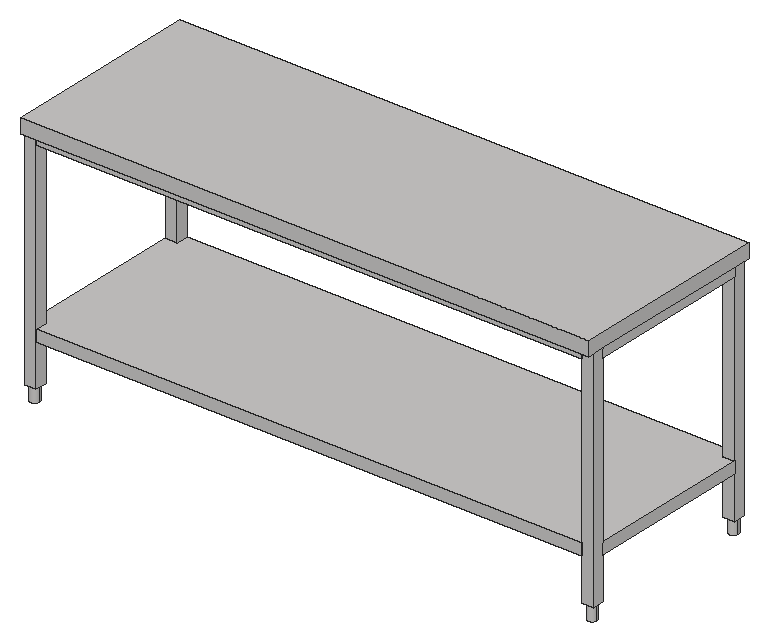
Revit family "QF_ELECTROLUXPROFESSIONAL_134092_LSGTG2000E", category Attrezzature speciali, Revit 2020
Family settings
  Quota connettore circolare = Usa diametro
  Tipo di parte = Normale
  Basato su piano di lavoro = No
  Sempre verticale = Sì
  Taglio con vuoti quando caricato = No
  Condiviso = No
  Punto di calcolo locali = No
Parameters (values of type "Standard")
  Weight = 63.00 kg
  Watts = 0 W
  Volts = 0 V
  URL Manufacturer = "https://www.electroluxprofessional.com/"
  URL = "https://www.electroluxprofessional.com/"
  Steam Supply Size = 0 mm
  Steam Supply Minimum Pressure = 0.0 Pa
  Steam Supply Maximum Pressure = 0.0 Pa
  Steam Consumption per Hour = 0
  Refrigeration Suction Line Size = 0.0 mm
  Refrigeration Liquid Line Size = 0.0 mm
  Refrigerant Compressor Remote = yes
  Prospetto di default = 0.0 mm
  Produttore = "Electrolux Professional"
  Phase = 0
  Modello = "LSGTG2000E"
  Length Actual = 2000.0 mm  # constant formula
  Item Number = "134092"
  Hot Water Size = 0 mm
  Height Actual = 900.0 mm  # constant formula
  HP = "0 HP"
  Gas Size = 0 mm
  Gas KW = 0
  Gas Input Pressure = 0 W
  Direct Waste Size = 0 mm
  Descrizione = "WORK TABLE 2000 MM WITH LOWER SHELF"
  Depth Actual = 700.0 mm  # constant formula
  Cycle = 0 Hz
  Condensate Return Size = 0 mm
  Compressed Air Volume = 0.0 L/s
  Compressed Air Size = 0 mm
  Compressed Air Pressure = 0.0 Pa
  Cold Water Size = 0 mm
  Accessory = yes
Reference planes
  plane 1 "Center (Front/Back)": y = 0
  plane 2: z = 0
  plane 3 "Center (Left/Right)": x = -500
  plane 4 "LEFT": x = -1500
  plane 5 "RIGHT": x = 500
  plane 6 "BACK": y = 350
  plane 7 "FRONT": y = -350
  plane 8 "Base": z = 850
  plane 9 "TOP": z = 900
  plane 10: x = -1480
  plane 11: x = 480
  plane 12: y = 310
  plane 13: y = -310
  plane 14 "TRAVERSI": z = 820
  plane 15: x = -1460
  plane 16: x = 460
  plane 17: y = 290
  plane 18: y = -290
  plane 19: y = 330
  plane 20: y = -330
  plane 21 "Plane": z = 200
Forms (mm)
  Extrusion 1, solid, material "QF_Finishes_Stainless Steel"
    sketch origin (-500, 0, 0) x (0, 1, 0) y (0, 0, 1)
      loop
        line (-350, 850) -> (350, 850) -> (350, 900) -> (-350, 900) -> (-350, 850)
    from 1000 to -1000
  Extrusion 2, solid, material "QF_Finishes_Stainless Steel"
    sketch origin (0, 0, 820) x (0, 1, 0) y (-1, 0, 0)
      loop
        line (290, -460) -> (-290, -460) -> (-290, -500) -> (290, -500) -> (290, -460)
      loop
        line (290, 1500) -> (-290, 1500) -> (-290, 1460) -> (290, 1460) -> (290, 1500)
    from 0 to 30
  Extrusion 3, solid, material "QF_Finishes_Stainless Steel"
    sketch origin (0, 0, 820) x (0, 1, 0) y (-1, 0, 0)
      loop
        line (330, -460) -> (330, 1460) -> (290, 1460) -> (290, -460) -> (330, -460)
      loop
        line (-290, 1460) -> (-330, 1460) -> (-330, -460) -> (-290, -460) -> (-290, 1460)
    from 0 to 30
  Extrusion 4, solid, material "QF_Finishes_Stainless Steel"
    sketch origin (0, 0, 200) x (0, 1, 0) y (-1, 0, 0)
      loop
        line (290, 1500) -> (-290, 1500) -> (-290, 1460) -> (-330, 1460) -> (-330, -460) -> (-290, -460) -> (-290, -500) -> (290, -500) -> (290, -460) -> (330, -460) -> (330, 1460) -> (290, 1460) -> (290, 1500)
    from 0 to 40
Lines and regions (mm)
  symbolic lines
    curve 1: line (500, 350, 900) -> (-1500, 350, 900)
    curve 2: line (-1500, 350, 900) -> (-1500, -350, 900)
    curve 3: line (-1500, -350, 900) -> (500, -350, 900)
    curve 4: line (500, -350, 900) -> (500, 350, 900)
Dimensions and locks
  plane 4 "LEFT" to plane 5 "RIGHT" = 2000.0 mm
  equal spacing: plane 4 "LEFT", plane 3 "Center (Left/Right)", plane 5 "RIGHT"
  locked: plane 8 "Base" to level at 850
  plane 4 "LEFT" to plane 10 = 20.0 mm
  plane 11 to plane 5 "RIGHT" = 20.0 mm
  plane 10 to plane 11 = 1960.0 mm
  locked: plane 9 "TOP" to level at 900
  plane 6 "BACK" to plane 12 = 40.0 mm
  plane 13 to plane 7 "FRONT" = 40.0 mm
  plane 6 "BACK" to plane 7 "FRONT" = 700.0 mm
  plane 12 to plane 13 = 620.0 mm
  equal spacing: plane 6 "BACK", plane 1 "Center (Front/Back)", plane 7 "FRONT"
  plane 8 "Base" to plane 14 "TRAVERSI" = 30.0 mm
  locked: plane 10 to plane 15 at 20
  locked: plane 16 to plane 11 at 20
  locked: plane 19 to plane 12 at 20
  locked: plane 12 to plane 17 at 20
  locked: plane 18 to plane 13 at 20
  locked: plane 13 to plane 20 at 20
  plane 21 "Plane" to level = 200.0 mm
  aligned and locked: level to plane 2
  aligned and locked: plane 10 to nested 1
  aligned and locked: nested 1 to plane 13
  aligned and locked: plane 11 to nested 2
  aligned and locked: nested 2 to plane 13
  aligned and locked: plane 11 to nested 4
  aligned and locked: nested 4 to plane 12
  aligned and locked: plane 10 to nested 3
  aligned and locked: nested 3 to plane 12
  aligned and locked: Extrusion 1 to plane 4 "LEFT"
  aligned and locked: plane 5 "RIGHT" to Extrusion 1
  aligned and locked: curve 2 to plane 4 "LEFT"
  aligned and locked: Extrusion 2 sketch curve to plane 5 "RIGHT"
  aligned and locked: Extrusion 2 sketch curve to plane 17  (x2)
  aligned and locked: plane 16 to Extrusion 2 sketch curve
  aligned and locked: plane 18 to Extrusion 2 sketch curve  (x2)
  aligned and locked: plane 4 "LEFT" to Extrusion 2 sketch curve
  aligned and locked: Extrusion 2 sketch curve to plane 15
  aligned and locked: plane 19 to Extrusion 3 sketch curve
  aligned and locked: Extrusion 3 sketch curve to plane 17
  aligned and locked: Extrusion 3 sketch curve to plane 18
  aligned and locked: plane 20 to Extrusion 3 sketch curve
  aligned and locked: Extrusion 3 sketch curve to plane 15
  aligned and locked: plane 15 to Extrusion 3 sketch curve
  aligned and locked: plane 16 to Extrusion 3 sketch curve
  aligned and locked: Extrusion 3 sketch curve to plane 16
  aligned and locked: Extrusion 4 sketch curve to plane 19
  aligned and locked: Extrusion 4 sketch curve to plane 5 "RIGHT"
  aligned and locked: Extrusion 4 sketch curve to plane 20
  aligned and locked: plane 4 "LEFT" to Extrusion 4 sketch curve
  aligned and locked: Extrusion 4 sketch curve to plane 17  (x2)
  aligned and locked: plane 15 to Extrusion 4 sketch curve
  aligned and locked: Extrusion 4 sketch curve to plane 16
  aligned and locked: Extrusion 4 sketch curve to plane 18  (x2)
  aligned and locked: plane 16 to Extrusion 4 sketch curve
  aligned and locked: Extrusion 4 sketch curve to plane 15
Automatic sketch dimensions
  Extrusion 1 sketch curve to plane 7 "FRONT" = 0.0 mm
  Extrusion 1 sketch curve to plane 8 "Base" = 0.0 mm
  curve 3 to plane 7 "FRONT" = 0.0 mm
  curve 4 to plane 6 "BACK" = 0.0 mm
  Extrusion 1 sketch curve to plane 9 "TOP" = 0.0 mm
  Extrusion 1 sketch curve to plane 6 "BACK" = 0.0 mm
  curve 4 to plane 5 "RIGHT" = 0.0 mm
Nested families
  nested 1: "FEET_40x40_P50" at (-1480, -310, 0), type "FEET_40x40_P50"
  nested 2: "FEET_40x40_P50" at (480, -310, 0), type "FEET_40x40_P50"
  nested 3: "FEET_40x40_P50" at (-1480, 310, 0), type "FEET_40x40_P50"
  nested 4: "FEET_40x40_P50" at (480, 310, 0), type "FEET_40x40_P50"
Definition of nested family "FEET_40x40_P50"
  Parameters
    Default Elevation = 0.0 mm
    FEET = 850.0 mm
  Reference planes
    plane 1 "Center (Front/Back)": y = 0
    plane 2: z = 0
    plane 3 "Center (Left/Right)": x = 0
    plane 4: z = 850
  Forms (mm)
    Extrusion 1, solid
      sketch origin (0, 0, 0) x (1, 0, 0) y (0, 1, 0)
        loop
          line (-20, -20) -> (20, -20) -> (20, 20) -> (-20, 20) -> (-20, -20)
      from 50 to 850
    Extrusion 2, solid
      sketch origin (0, 0, 0) x (1, 0, 0) y (0, 1, 0)
        loop
          circle (0, 0) r 16
      from 0 to 50
  Lines and regions (mm)
    symbolic lines
      curve 1: line (0, -1.503, 0) -> (0, 1.508, 0)
      curve 2: line (1.561, 0, 0) -> (-1.439, 0, 0)
  Dimensions and locks
    "FEET": plane 4 to plane 2
    aligned and locked: level to plane 2
  Automatic sketch dimensions
    Extrusion 1 sketch curve to plane 3 "Center (Left/Right)" = 20.0 mm
    plane 3 "Center (Left/Right)" to Extrusion 1 sketch curve = 20.0 mm
    plane 1 "Center (Front/Back)" to Extrusion 1 sketch curve = 20.0 mm
    Extrusion 1 sketch curve to plane 1 "Center (Front/Back)" = 20.0 mm
    plane 1 "Center (Front/Back)" to Extrusion 2 sketch curve = 0.0 mm
    Extrusion 2 sketch curve to plane 3 "Center (Left/Right)" = 0.0 mm
    plane 1 "Center (Front/Back)" to curve 2 = 0.0 mm
    curve 1 to plane 3 "Center (Left/Right)" = 0.0 mm
    curve 2 to plane 3 "Center (Left/Right)" = 1.439 mm
    plane 3 "Center (Left/Right)" to curve 2 = 1.561 mm
    plane 1 "Center (Front/Back)" to curve 1 = 1.503 mm
    curve 1 to plane 1 "Center (Front/Back)" = 1.508 mm
    radius of Extrusion 2 sketch curve = 16.0 mm
